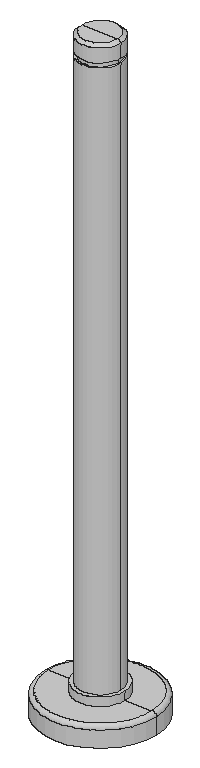
Revit family "Urbane II Ceiling Arm - 300mm", category Specialty Equipment, host Face, Revit 2019
Family settings
  Host = Face
  Round Connector Dimension = Use Radius
  Part Type = Normal
  OmniClass Number = 23.45.05.14.17
  OmniClass Title = Showers
  Cut with Voids When Loaded = No
  Shared = No
  Room Calculation Point = No
Parameters (values of type "Urbane II Ceiling Arm - 300mm - Chrome")
  URL = "https://www.caroma.com.au/"
  Model = "99639C"
  Material_Base = GWA_Metal-Chrome
  Manufacturer = "GWA Bathrooms & Kitchens"  # constant formula
  Description = "Urbane II Ceiling Arm - 300mm - Chrome"
  Default Elevation = 1000 mm
  CreatedBy_ANZRS = "GWA Bathrooms & Kitchens"  # constant formula
  Assembly Code = "D2010710"
Types (6, lengths in mm): name | Model | Material_Base | Description
  (no name) | "99639C" | GWA_Metal-Chrome | "Urbane II Ceiling Arm - 300mm - Chrome"
  Urbane II Ceiling Arm - 300mm - Chrome | "99639C" | GWA_Metal-Chrome | "Urbane II Ceiling Arm - 300mm - Chrome"
  Urbane II Ceiling Arm - 300mm - Matte Black | "99639B" | GWA-Metal-Black | "Urbane II Ceiling Arm - 300mm - Matte Black"
  Urbane II Ceiling Arm - 300mm - Brushed Brass | "99639BB" | GWA_Metal-Brushed-Brass | "Urbane II Ceiling Arm - 300mm - Brushed Brass"
  Urbane II Ceiling Arm - 300mm - Gunmetal | "99639GM" | GWA-Metal-Gunmetal Grey | "Urbane II Ceiling Arm - 300mm - Gunmetal"
  Urbane II Ceiling Arm - 300mm - Brushed Nickel | "99639BN" | GWA_Metal-Brushed-Nickel | "Urbane II Ceiling Arm - 300mm - Brushed Nickel"
Reference planes
  plane 1 "Center (Front/Back)": y = 0
  plane 2: z = 0
  plane 3 "Center (Left/Right)": x = 0
Forms (mm)
  Revolve 1, solid, material "GWA_Metal-Chrome" <- "Material_Base"
    sketch origin (0, 0, 0) x (1, 0, 0) y (0, 0, 1)
      loop
        line (0, 0) -> (27.5, 0) -> (27.5, 8)
        arc (27.5, 8) -> (26.914, 9.414) -> (25.5, 10) r 2
        line (25.5, 10) -> (0, 10) -> (0, 0)
      axis (0, 10) -> (0, 0)
    angle from 0 to 360
  Extrusion 2, solid, material "GWA_Metal-Chrome" <- "Material_Base"
    sketch origin (0, 0, 0) x (1, 0, 0) y (0, 1, 0)
      loop
        circle (0, 0) r 12.25
    from 10 to 14
  Revolve 3, solid, material "GWA_Metal-Chrome" <- "Material_Base"
    sketch origin (0, 0, 205.085) x (1, 0, 0) y (0, 0, 1)
      loop
        line (0, 84.315) -> (9.2, 84.315) -> (9.2, 86.615) -> (10.3, 86.615) -> (10.3, 93.115) -> (8.8, 94.615) -> (0, 94.615) -> (0, 84.315)
      axis (0, 94.615) -> (0, 84.315)
    angle from 0 to 360
  Extrusion 4, solid, material "GWA_Metal-Chrome" <- "Material_Base"
    sketch origin (0, 0, 0) x (1, 0, 0) y (0, 1, 0)
      loop
        circle (0, 0) r 10.3
    from 14 to 289.4
Lines and regions (mm)
  Masking region 1
    outline origin (0, 0, 0) x (1, 0, 0) y (0, 0, 1)
      loop
        line (-9.2, 289.4) -> (-10.3, 289.4) -> (-10.3, 14) -> (-12.25, 14) -> (-12.25, 10) -> (-25.5, 10)
        arc (-25.5, 10) -> (-26.914, 9.414) -> (-27.5, 8) r 2
        line (-27.5, 8) -> (-27.5, 0) -> (27.5, 0) -> (27.5, 8)
        arc (27.5, 8) -> (26.914, 9.414) -> (25.5, 10) r 2
        line (25.5, 10) -> (12.25, 10) -> (12.25, 14) -> (10.3, 14) -> (10.3, 289.4) -> (9.2, 289.4) -> (9.2, 291.7) -> (10.3, 291.7) -> (10.3, 298.2) -> (8.8, 299.7) -> (-8.8, 299.7) -> (-10.3, 298.2) -> (-10.3, 291.7) -> (-9.2, 291.7) -> (-9.2, 289.4)
  Masking region 2
    outline origin (0, 0, 0) x (0, 1, 0) y (0, 0, 1)
      loop
        line (-27.5, 8) -> (-27.5, 0) -> (27.5, 0) -> (27.5, 8)
        arc (27.5, 8) -> (26.914, 9.414) -> (25.5, 10) r 2
        line (25.5, 10) -> (12.25, 10) -> (12.25, 14) -> (10.3, 14) -> (10.3, 289.4) -> (9.2, 289.4) -> (9.2, 291.7) -> (10.3, 291.7) -> (10.3, 298.2) -> (8.8, 299.7) -> (-8.8, 299.7) -> (-10.3, 298.2) -> (-10.3, 291.7) -> (-9.2, 291.7) -> (-9.2, 289.4) -> (-10.3, 289.4) -> (-10.3, 14) -> (-12.25, 14) -> (-12.25, 10) -> (-25.5, 10)
        arc (-25.5, 10) -> (-26.914, 9.414) -> (-27.5, 8) r 2
  Masking region 3
    outline origin (0, 0, 0) x (1, 0, 0) y (0, 1, 0)
      loop
        circle (0, 0) r 27.5
  symbolic lines
    curve 1: line (27.5, 0, 0) -> (27.5, 0, 8)
    curve 2: line (25.5, 0, 10) -> (-25.5, 0, 10)
    curve 3: line (-27.5, 0, 8) -> (-27.5, 0, 0)
    curve 4: line (-27.5, 0, 0) -> (27.5, 0, 0)
    curve 5: arc (-27.5, 0, 8) -> (-26.914, 0, 9.414) -> (-25.5, 0, 10) r 2
    curve 6: arc (25.5, 0, 10) -> (26.914, 0, 9.414) -> (27.5, 0, 8) r 2
    curve 7: line (-12.25, 0, 10) -> (-12.25, 0, 14)
    curve 8: line (-12.25, 0, 14) -> (12.25, 0, 14)
    curve 9: line (12.25, 0, 14) -> (12.25, 0, 10)
    curve 10: line (-10.3, 0, 14) -> (-10.3, 0, 289.4)
    curve 11: line (-10.3, 0, 289.4) -> (10.3, 0, 289.4)
    curve 12: line (10.3, 0, 289.4) -> (10.3, 0, 14)
    curve 13: line (-9.2, 0, 289.4) -> (-9.2, 0, 291.7)
    curve 14: line (10.3, 0, 291.7) -> (-10.3, 0, 291.7)
    curve 15: line (-10.3, 0, 291.7) -> (-10.3, 0, 298.2)
    curve 16: line (-10.3, 0, 298.2) -> (-8.8, 0, 299.7)
    curve 17: line (-8.8, 0, 299.7) -> (8.8, 0, 299.7)
    curve 18: line (8.8, 0, 299.7) -> (10.3, 0, 298.2)
    curve 19: line (10.3, 0, 298.2) -> (10.3, 0, 291.7)
    curve 20: line (9.2, 0, 291.7) -> (9.2, 0, 289.4)
    curve 21: line (10.3, 0, 298.2) -> (-10.3, 0, 298.2)
    curve 22: line (0, -27.5, 0) -> (0, 27.5, 0)
    curve 23: line (0, -27.5, 8) -> (0, -27.5, 0)
    curve 24: line (0, 25.5, 10) -> (0, -25.5, 10)
    curve 25: line (0, 27.5, 0) -> (0, 27.5, 8)
    curve 26: line (0, -12.25, 14) -> (0, 12.25, 14)
    curve 27: line (0, 12.25, 14) -> (0, 12.25, 10)
    curve 28: line (0, -12.25, 14) -> (0, -12.25, 10)
    curve 29: line (0, -10.3, 14) -> (0, -10.3, 289.4)
    curve 30: line (0, 10.3, 14) -> (0, 10.3, 289.4)
    curve 31: line (0, 9.2, 289.4) -> (0, 9.2, 291.7)
    curve 32: line (0, -8.8, 299.7) -> (0, 8.8, 299.7)
    curve 33: line (0, 10.3, 298.2) -> (0, 10.3, 291.7)
    curve 34: line (0, 10.3, 291.7) -> (0, -10.3, 291.7)
    curve 35: line (0, 10.3, 298.2) -> (0, -10.3, 298.2)
    curve 36: line (0, -10.3, 298.2) -> (0, -10.3, 291.7)
    curve 37: line (0, -10.3, 298.2) -> (0, -8.8, 299.7)
    curve 38: line (0, 8.8, 299.7) -> (0, 10.3, 298.2)
    curve 39: line (0, -9.2, 289.4) -> (0, -9.2, 291.7)
    curve 40: line (0, -10.3, 289.4) -> (0, 10.3, 289.4)
    curve 41: arc (0, -27.5, 8) -> (0, -26.914, 9.414) -> (0, -25.5, 10) r 2
    curve 42: arc (0, 25.5, 10) -> (0, 26.914, 9.414) -> (0, 27.5, 8) r 2
    curve 43: circle (0, 0, 0) r 27.5 normal (0, 0, 1)
    curve 44: circle (0, 0, 0) r 12.25 normal (0, 0, 1)
    curve 45: circle (0, 0, 0) r 10.3 normal (0, 0, 1)
    curve 46: circle (0, 0, 0) r 8.8 normal (0, 0, 1)
Dimensions and locks
  aligned and locked: plane 2 to host face
  aligned and locked: level to host face
